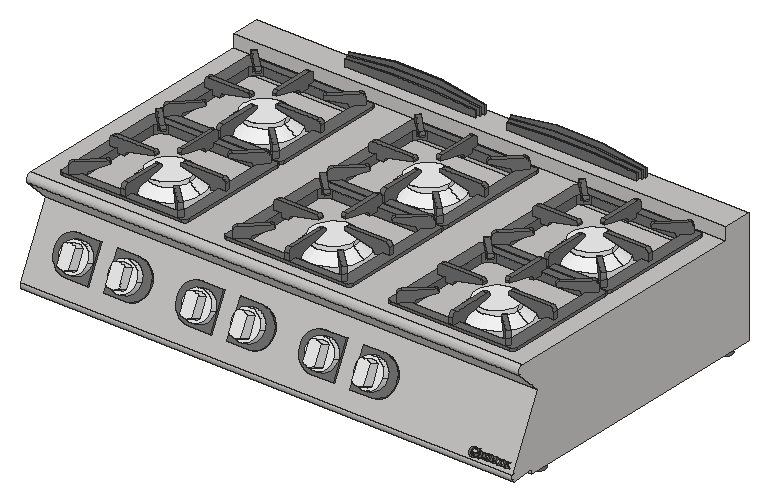
Revit family "QF_GIORIK_ECG760T", category Specialty Equipment, Revit 2014
Parameters (values of type "ECG760T")
  Weight in Pounds = 198.4158
  URL Cutsheet = "www.giorik.com"
  URL = "www.giorik.com"
  Status [instance] = ""
  Specification by User [instance] = ""
  Specification by Manufacturer = ""
  Show Logo [instance] = yes
  Show Clearance [instance] = yes
  Serial Number = ""
  Seismic Rating = ""
  SMACNA No = ""
  Revision Code [instance] = ""
  NAFEM Spec ID Number = ""
  Model = "ECG760T"
  Mechanical Remarks [instance] = "Natural Gas"
  Mechanical Connection Type [instance] = ""
  Masterspec = ""
  Manufacturer = "GIORIK"
  Item Number [instance] = ""
  Installed By [instance] = ""
  Identify Quantity as Lot [instance] = no
  Gas Size = 1"
  Gas RI Height [instance] = 0 mm
  Gas KW = 28.5
  Gas Input = 28500 W
  Gas Connection Height [instance] = 20 mm
  Furnished By [instance] = ""
  Foodservice Equipment Identifier [instance] = yes
  Description = "GAS RANGES 6 FIRES - TOP"
  CSI MasterFormat = ""
  Assembly Code = "E1090320"
Reference planes
  plane 1 "Back": y = 0
  plane 2: z = 0
  plane 3 "Left": x = 0
  plane 4 "Right": x = 1200
  plane 5 "Front": y = -720
  plane 6 "Top": z = 300
Forms (mm)
  Extrusion 1, solid
    sketch origin (0, 1000, -620) x (0, 1, 0) y (0, 0, 1)
      loop
        line (-1000, 919.988) -> (-1070, 919.988) -> (-1070, 889.988) -> (-1688.806, 889.988)
        arc (-1688.806, 889.988) -> (-1699.151, 883.075) -> (-1696.724, 870.873) r 11.197
        line (-1696.724, 870.873) -> (-1640.876, 815.025) -> (-1718.948, 661.258)
        arc (-1718.948, 661.258) -> (-1718.233, 650.105) -> (-1708.118, 645.354) r 10.981
        line (-1708.118, 645.354) -> (-1660, 649.925) -> (-1660, 640) -> (-1000, 640) -> (-1000, 919.988)
    from 0 to 1200
  Extrusion 2, solid
    sketch origin (0, 10, -577.012) x (1, 0, 0) y (0, 1, 0)
      loop
        line (45, -100) -> (45, -370)
        arc (45, -370) -> (47.929, -377.071) -> (55, -380) r 10
        line (55, -380) -> (345, -380)
        arc (345, -380) -> (352.071, -377.071) -> (355, -370) r 10
        line (355, -370) -> (355, -100)
        arc (355, -100) -> (352.071, -92.929) -> (345, -90) r 10
        line (345, -90) -> (55, -90)
        arc (55, -90) -> (47.929, -92.929) -> (45, -100) r 10
      loop
        arc (95, -110) -> (80.858, -115.858) -> (75, -130) r 20
        line (75, -130) -> (75, -340)
        arc (75, -340) -> (80.858, -354.142) -> (95, -360) r 20
        line (95, -360) -> (305, -360)
        arc (305, -360) -> (319.142, -354.142) -> (325, -340) r 20
        line (325, -340) -> (325, -130)
        arc (325, -130) -> (319.142, -115.858) -> (305, -110) r 20
        line (305, -110) -> (95, -110)
    from 831.989 to 851.989
  Extrusion 3, solid
    sketch origin (0, -750, -577.012) x (1, 0, 0) y (0, 1, 0)
      loop
        arc (45, 100) -> (47.929, 92.929) -> (55, 90) r 10
        line (55, 90) -> (345, 90)
        arc (345, 90) -> (352.071, 92.929) -> (355, 100) r 10
        line (355, 100) -> (355, 370)
        arc (355, 370) -> (352.071, 377.071) -> (345, 380) r 10
        line (345, 380) -> (55, 380)
        arc (55, 380) -> (47.929, 377.071) -> (45, 370) r 10
        line (45, 370) -> (45, 100)
      loop
        line (95, 110) -> (305, 110)
        arc (305, 110) -> (319.142, 115.858) -> (325, 130) r 20
        line (325, 130) -> (325, 340)
        arc (325, 340) -> (319.142, 354.142) -> (305, 360) r 20
        line (305, 360) -> (95, 360)
        arc (95, 360) -> (80.858, 354.142) -> (75, 340) r 20
        line (75, 340) -> (75, 130)
        arc (75, 130) -> (80.858, 115.858) -> (95, 110) r 20
    from 831.989 to 851.989
  Extrusion 4, solid
    sketch origin (800, 10, -577.012) x (-1, 0, 0) y (0, -1, 0)
      loop
        arc (45, 100) -> (47.929, 92.929) -> (55, 90) r 10
        line (55, 90) -> (345, 90)
        arc (345, 90) -> (352.071, 92.929) -> (355, 100) r 10
        line (355, 100) -> (355, 370)
        arc (355, 370) -> (352.071, 377.071) -> (345, 380) r 10
        line (345, 380) -> (55, 380)
        arc (55, 380) -> (47.929, 377.071) -> (45, 370) r 10
        line (45, 370) -> (45, 100)
      loop
        line (95, 110) -> (305, 110)
        arc (305, 110) -> (319.142, 115.858) -> (325, 130) r 20
        line (325, 130) -> (325, 340)
        arc (325, 340) -> (319.142, 354.142) -> (305, 360) r 20
        line (305, 360) -> (95, 360)
        arc (95, 360) -> (80.858, 354.142) -> (75, 340) r 20
        line (75, 340) -> (75, 130)
        arc (75, 130) -> (80.858, 115.858) -> (95, 110) r 20
    from 831.989 to 851.989
  Extrusion 5, solid
    sketch origin (800, -750, -577.012) x (-1, 0, 0) y (0, -1, 0)
      loop
        line (45, -100) -> (45, -370)
        arc (45, -370) -> (47.929, -377.071) -> (55, -380) r 10
        line (55, -380) -> (345, -380)
        arc (345, -380) -> (352.071, -377.071) -> (355, -370) r 10
        line (355, -370) -> (355, -100)
        arc (355, -100) -> (352.071, -92.929) -> (345, -90) r 10
        line (345, -90) -> (55, -90)
        arc (55, -90) -> (47.929, -92.929) -> (45, -100) r 10
      loop
        arc (95, -110) -> (80.858, -115.858) -> (75, -130) r 20
        line (75, -130) -> (75, -340)
        arc (75, -340) -> (80.858, -354.142) -> (95, -360) r 20
        line (95, -360) -> (305, -360)
        arc (305, -360) -> (319.142, -354.142) -> (325, -340) r 20
        line (325, -340) -> (325, -130)
        arc (325, -130) -> (319.142, -115.858) -> (305, -110) r 20
        line (305, -110) -> (95, -110)
    from 831.989 to 851.989
  Extrusion 6, solid
    sketch origin (-4, 0, 0) x (1, 0, 0) y (0, 1, 0)
      loop
        circle (54, -385) r 12.5
    from 5 to 20
  Extrusion 7, solid
    sketch origin (109, 0, -610.002) x (1, 0, 0) y (0, 0, 1)
      loop
        line (135, 909.989) -> (453, 909.989) -> (453, 925.527) -> (347.056, 931.749) -> (240.944, 931.749) -> (135, 925.527) -> (135, 909.989)
    from 32 to 35
  Extrusion 8, solid
    sketch origin (111, 10, -610.002) x (1, 0, 0) y (0, 0, 1)
      loop
        line (454, 909.989) -> (454, 928.527) -> (346.162, 939.193) -> (237.838, 939.193) -> (130, 928.527) -> (130, 909.989) -> (454, 909.989)
    from 32 to 35
  Extrusion 9, solid
    sketch origin (113, 20, -610.002) x (1, 0, 0) y (0, 0, 1)
      loop
        line (455, 909.989) -> (455, 930.527) -> (345.396, 947.413) -> (234.604, 947.413) -> (125, 930.527) -> (125, 909.989) -> (455, 909.989)
    from 32 to 35
  Extrusion 10, solid
    sketch origin (1091, 0, -610.002) x (-1, 0, 0) y (0, 0, -1)
      loop
        line (135, -909.989) -> (135, -925.527) -> (240.944, -931.749) -> (347.056, -931.749) -> (453, -925.527) -> (453, -909.989) -> (135, -909.989)
    from 32 to 35
  Extrusion 11, solid
    sketch origin (1089, 10, -610.002) x (-1, 0, 0) y (0, 0, -1)
      loop
        line (454, -909.989) -> (130, -909.989) -> (130, -928.527) -> (237.838, -939.193) -> (346.162, -939.193) -> (454, -928.527) -> (454, -909.989)
    from 32 to 35
  Extrusion 12, solid
    sketch origin (1087, 20, -610.002) x (-1, 0, 0) y (0, 0, -1)
      loop
        line (455, -909.989) -> (125, -909.989) -> (125, -930.527) -> (234.604, -947.413) -> (345.396, -947.413) -> (455, -930.527) -> (455, -909.989)
    from 32 to 35
  Extrusion 13, solid
    sketch origin (286.779, -963.345, -547.148) x (1, 0, 0) y (0, 0.452718, 0.891654)
      loop
        line (463.221, 676.25) -> (463.221, 766.25) -> (409.698, 766.25)
        arc (409.698, 766.25) -> (364.698, 721.25) -> (409.698, 676.25) r 45
        line (409.698, 676.25) -> (463.221, 676.25)
    from 48 to 50
  Extrusion 14, solid
    sketch origin (1253.221, -963.345, -547.148) x (-1, 0, 0) y (0, -0.452718, -0.891654)
      loop
        line (463.221, -676.25) -> (409.698, -676.25)
        arc (409.698, -676.25) -> (364.698, -721.25) -> (409.698, -766.25) r 45
        line (409.698, -766.25) -> (463.221, -766.25) -> (463.221, -676.25)
    from 48 to 50
  Extrusion 15, solid
    sketch origin (478.669, -1008.697, -524.552) x (1, 0, 0) y (0, 0.45351, 0.891251)
      loop
        circle (351.331, 721.346) r 35
    from 0 to 15
  Extrusion 16, solid
    sketch origin (478.669, -1008.697, -524.552) x (1, 0, 0) y (0, 0.45351, 0.891251)
      loop
        line (336.331, 743.846) -> (336.331, 698.846)
        arc (336.331, 698.846) -> (351.331, 693.846) -> (366.331, 698.846) r 25
        line (366.331, 698.846) -> (366.331, 743.846)
        arc (366.331, 743.846) -> (351.331, 748.846) -> (336.331, 743.846) r 25
    from 15 to 40
  Extrusion 17, solid, visible <- "Show Logo"
    sketch origin (996.604, -736.761, 9.486) x (-1, 0, 0) y (0, 0.452718, 0.891654)
      loop
        line (-118.824, 58.358) -> (-127.804, 58.358) -> (-125.523, 56.445) -> (-125.523, 48.027) -> (-127.804, 46.113) -> (-118.824, 46.113) -> (-121.105, 48.027) -> (-121.105, 56.445) -> (-118.824, 58.358)
      loop
        line (-163.721, 58.358) -> (-172.7, 58.358) -> (-170.42, 56.445) -> (-170.42, 48.027) -> (-172.7, 46.113) -> (-163.721, 46.113) -> (-166.001, 48.027) -> (-166.001, 56.445) -> (-163.721, 58.358)
      loop
        line (-174.332, 58.358) -> (-183.312, 58.358) -> (-181.031, 56.445) -> (-181.031, 52.435) -> (-186.419, 56.955) -> (-184.416, 58.358) -> (-191.268, 58.358) -> (-188.01, 56.839) -> (-185.455, 54.283) -> (-190.846, 47.858) -> (-193.396, 46.93) -> (-193.396, 46.113) -> (-184.416, 46.113) -> (-185.437, 47.571) -> (-182.443, 51.552) -> (-181.031, 50.894) -> (-181.031, 48.027) -> (-183.312, 46.113) -> (-174.332, 46.113) -> (-176.613, 48.027) -> (-176.613, 56.445) -> (-174.332, 58.358)
      loop
        line (-115.429, 62.063) -> (-115.429, 54.198)
        arc (-115.429, 54.198) -> (-111.618, 57.803) -> (-106.847, 59.986) r 16.039
        arc (-106.847, 59.986) -> (-103.314, 59.837) -> (-100.512, 57.68) r 5.851
        arc (-100.512, 57.68) -> (-98.815, 52.267) -> (-100.512, 46.853) r 9.479
        arc (-100.512, 46.853) -> (-102.406, 44.986) -> (-104.846, 43.93) r 7.236
        arc (-104.846, 43.93) -> (-107.728, 44.111) -> (-110.052, 45.825) r 5.11
        line (-110.052, 45.825) -> (-110.052, 52.001) -> (-116.141, 52.001) -> (-116.141, 45.503) -> (-117.893, 43.751) -> (-114.094, 44.769)
        arc (-114.094, 44.769) -> (-112.56, 44.947) -> (-111.129, 44.366) r 3.115
        arc (-111.129, 44.366) -> (-104.216, 42.091) -> (-97.303, 44.366) r 11.641
        arc (-97.303, 44.366) -> (-93.396, 52.107) -> (-97.303, 59.849) r 9.622
        arc (-97.303, 59.849) -> (-104.369, 62.174) -> (-111.435, 59.849) r 11.898
        line (-111.435, 59.849) -> (-115.429, 62.063)
      loop
        arc (-129.234, 56.068) -> (-135.893, 58.628) -> (-142.552, 56.068) r 9.941
        arc (-142.552, 56.068) -> (-144.234, 52.286) -> (-142.552, 48.505) r 5.093
        arc (-142.552, 48.505) -> (-135.893, 45.945) -> (-129.234, 48.505) r 9.941
        arc (-129.234, 48.505) -> (-127.552, 52.286) -> (-129.234, 56.068) r 5.093
      loop
        arc (-132.628, 54.403) -> (-135.893, 57.668) -> (-139.158, 54.403) r 3.265
        line (-139.158, 54.403) -> (-139.158, 50.169)
        arc (-139.158, 50.169) -> (-135.893, 46.904) -> (-132.628, 50.169) r 3.265
        line (-132.628, 50.169) -> (-132.628, 54.403)
      loop
        arc (-156.363, 58.365) -> (-159.647, 55.081) -> (-156.363, 51.796) r 3.285
        line (-156.363, 51.796) -> (-159.529, 47.306) -> (-162.087, 46.113) -> (-155.847, 46.113) -> (-153.529, 51.083) -> (-150.637, 51.083) -> (-150.637, 47.784) -> (-153.022, 46.113) -> (-144.011, 46.113) -> (-146.094, 47.68) -> (-146.094, 56.493) -> (-144.229, 58.365) -> (-156.363, 58.365)
      loop
        line (-150.637, 57.512) -> (-153.637, 57.512)
        arc (-153.637, 57.512) -> (-156.237, 54.912) -> (-153.637, 52.312) r 2.6
        line (-153.637, 52.312) -> (-150.637, 52.312) -> (-150.637, 57.512)
      loop
        line (-108.924, 52.001) -> (-104.936, 49.005) -> (-100.948, 52.001) -> (-108.924, 52.001)
    from 1.5 to -0.5
  Extrusion 18, solid
    sketch origin (1061.331, -1008.697, -524.552) x (-1, 0, 0) y (0, -0.45351, -0.891251)
      loop
        circle (351.331, -721.346) r 35
    from 0 to 15
  Extrusion 19, solid
    sketch origin (1061.331, -1008.697, -524.552) x (-1, 0, 0) y (0, -0.45351, -0.891251)
      loop
        arc (336.331, -743.846) -> (351.331, -748.846) -> (366.331, -743.846) r 25
        line (366.331, -743.846) -> (366.331, -698.846)
        arc (366.331, -698.846) -> (351.331, -693.846) -> (336.331, -698.846) r 25
        line (336.331, -698.846) -> (336.331, -743.846)
    from 15 to 40
  Extrusion 20, solid
    sketch origin (-313.221, -963.345, -547.148) x (1, 0, 0) y (0, 0.452718, 0.891654)
      loop
        line (463.221, 676.25) -> (463.221, 766.25) -> (409.698, 766.25)
        arc (409.698, 766.25) -> (364.698, 721.25) -> (409.698, 676.25) r 45
        line (409.698, 676.25) -> (463.221, 676.25)
    from 48 to 50
  Extrusion 21, solid
    sketch origin (653.221, -963.345, -547.148) x (-1, 0, 0) y (0, -0.452718, -0.891654)
      loop
        line (463.221, -676.25) -> (409.698, -676.25)
        arc (409.698, -676.25) -> (364.698, -721.25) -> (409.698, -766.25) r 45
        line (409.698, -766.25) -> (463.221, -766.25) -> (463.221, -676.25)
    from 48 to 50
  Extrusion 22, solid
    sketch origin (-121.331, -1008.697, -524.552) x (1, 0, 0) y (0, 0.45351, 0.891251)
      loop
        circle (351.331, 721.346) r 35
    from 0 to 15
  Extrusion 23, solid
    sketch origin (-121.331, -1008.697, -524.552) x (1, 0, 0) y (0, 0.45351, 0.891251)
      loop
        line (336.331, 743.846) -> (336.331, 698.846)
        arc (336.331, 698.846) -> (351.331, 693.846) -> (366.331, 698.846) r 25
        line (366.331, 698.846) -> (366.331, 743.846)
        arc (366.331, 743.846) -> (351.331, 748.846) -> (336.331, 743.846) r 25
    from 15 to 40
  Extrusion 24, solid
    sketch origin (461.331, -1008.697, -524.552) x (-1, 0, 0) y (0, -0.45351, -0.891251)
      loop
        circle (351.331, -721.346) r 35
    from 0 to 15
  Extrusion 25, solid
    sketch origin (461.331, -1008.697, -524.552) x (-1, 0, 0) y (0, -0.45351, -0.891251)
      loop
        arc (336.331, -743.846) -> (351.331, -748.846) -> (366.331, -743.846) r 25
        line (366.331, -743.846) -> (366.331, -698.846)
        arc (366.331, -698.846) -> (351.331, -693.846) -> (336.331, -698.846) r 25
        line (336.331, -698.846) -> (336.331, -743.846)
    from 15 to 40
  Extrusion 26, solid
    sketch origin (953.221, -963.345, -547.148) x (-1, 0, 0) y (0, -0.452718, -0.891654)
      loop
        line (463.221, -676.25) -> (409.698, -676.25)
        arc (409.698, -676.25) -> (364.698, -721.25) -> (409.698, -766.25) r 45
        line (409.698, -766.25) -> (463.221, -766.25) -> (463.221, -676.25)
    from 48 to 50
  Extrusion 27, solid
    sketch origin (-13.221, -963.345, -547.148) x (1, 0, 0) y (0, 0.452718, 0.891654)
      loop
        line (463.221, 676.25) -> (463.221, 766.25) -> (409.698, 766.25)
        arc (409.698, 766.25) -> (364.698, 721.25) -> (409.698, 676.25) r 45
        line (409.698, 676.25) -> (463.221, 676.25)
    from 48 to 50
  Extrusion 28, solid
    sketch origin (761.331, -1008.697, -524.552) x (-1, 0, 0) y (0, -0.45351, -0.891251)
      loop
        circle (351.331, -721.346) r 35
    from 0 to 15
  Extrusion 29, solid
    sketch origin (761.331, -1008.697, -524.552) x (-1, 0, 0) y (0, -0.45351, -0.891251)
      loop
        arc (336.331, -743.846) -> (351.331, -748.846) -> (366.331, -743.846) r 25
        line (366.331, -743.846) -> (366.331, -698.846)
        arc (366.331, -698.846) -> (351.331, -693.846) -> (336.331, -698.846) r 25
        line (336.331, -698.846) -> (336.331, -743.846)
    from 15 to 40
  Extrusion 30, solid
    sketch origin (178.669, -1008.697, -524.552) x (1, 0, 0) y (0, 0.45351, 0.891251)
      loop
        circle (351.331, 721.346) r 35
    from 0 to 15
  Extrusion 31, solid
    sketch origin (178.669, -1008.697, -524.552) x (1, 0, 0) y (0, 0.45351, 0.891251)
      loop
        line (336.331, 743.846) -> (336.331, 698.846)
        arc (336.331, 698.846) -> (351.331, 693.846) -> (366.331, 698.846) r 25
        line (366.331, 698.846) -> (366.331, 743.846)
        arc (366.331, 743.846) -> (351.331, 748.846) -> (336.331, 743.846) r 25
    from 15 to 40
  Extrusion 32, solid
    sketch origin (1200, 10, -577.012) x (-1, 0, 0) y (0, -1, 0)
      loop
        arc (45, 100) -> (47.929, 92.929) -> (55, 90) r 10
        line (55, 90) -> (345, 90)
        arc (345, 90) -> (352.071, 92.929) -> (355, 100) r 10
        line (355, 100) -> (355, 370)
        arc (355, 370) -> (352.071, 377.071) -> (345, 380) r 10
        line (345, 380) -> (55, 380)
        arc (55, 380) -> (47.929, 377.071) -> (45, 370) r 10
        line (45, 370) -> (45, 100)
      loop
        line (95, 110) -> (305, 110)
        arc (305, 110) -> (319.142, 115.858) -> (325, 130) r 20
        line (325, 130) -> (325, 340)
        arc (325, 340) -> (319.142, 354.142) -> (305, 360) r 20
        line (305, 360) -> (95, 360)
        arc (95, 360) -> (80.858, 354.142) -> (75, 340) r 20
        line (75, 340) -> (75, 130)
        arc (75, 130) -> (80.858, 115.858) -> (95, 110) r 20
    from 831.989 to 851.989
  Extrusion 33, solid
    sketch origin (1200, -750, -577.012) x (-1, 0, 0) y (0, -1, 0)
      loop
        line (45, -100) -> (45, -370)
        arc (45, -370) -> (47.929, -377.071) -> (55, -380) r 10
        line (55, -380) -> (345, -380)
        arc (345, -380) -> (352.071, -377.071) -> (355, -370) r 10
        line (355, -370) -> (355, -100)
        arc (355, -100) -> (352.071, -92.929) -> (345, -90) r 10
        line (345, -90) -> (55, -90)
        arc (55, -90) -> (47.929, -92.929) -> (45, -100) r 10
      loop
        arc (95, -110) -> (80.858, -115.858) -> (75, -130) r 20
        line (75, -130) -> (75, -340)
        arc (75, -340) -> (80.858, -354.142) -> (95, -360) r 20
        line (95, -360) -> (305, -360)
        arc (305, -360) -> (319.142, -354.142) -> (325, -340) r 20
        line (325, -340) -> (325, -130)
        arc (325, -130) -> (319.142, -115.858) -> (305, -110) r 20
        line (305, -110) -> (95, -110)
    from 831.989 to 851.989
  Blend 34, solid
    base sketch origin (799.954, -501.449, 310) x (0, -1, 0) y (1, 0, 0)
      loop
        circle (-276.449, 200.046) r 75
    top sketch origin (799.954, -501.449, 310) x (0, -1, 0) y (1, 0, 0)
      loop
        circle (-276.449, 200.046) r 50
    from -70 to -50
  Extrusion 35, solid
    sketch origin (799.954, 51.448, -619.988) x (1, 0, 0) y (0, 1, 0)
      loop
        circle (200.046, -276.449) r 50
    from 889.988 to 879.988
  Blend 36, solid
    base sketch origin (799.954, -238.551, 310) x (0, 1, 0) y (-1, 0, 0)
      loop
        circle (-276.449, -200.046) r 75
    top sketch origin (799.954, -238.551, 310) x (0, 1, 0) y (-1, 0, 0)
      loop
        circle (-276.449, -200.046) r 50
    from -70 to -50
  Extrusion 37, solid
    sketch origin (799.954, -791.448, -619.988) x (1, 0, 0) y (0, 1, 0)
      loop
        circle (200.046, 276.449) r 50
    from 889.988 to 879.988
  Blend 38, solid
    base sketch origin (399.954, -501.449, 310) x (0, -1, 0) y (1, 0, 0)
      loop
        circle (-276.449, 200.046) r 75
    top sketch origin (399.954, -501.449, 310) x (0, -1, 0) y (1, 0, 0)
      loop
        circle (-276.449, 200.046) r 50
    from -70 to -50
  Extrusion 39, solid
    sketch origin (399.954, 51.448, -619.988) x (1, 0, 0) y (0, 1, 0)
      loop
        circle (200.046, -276.449) r 50
    from 889.988 to 879.988
  Blend 40, solid
    base sketch origin (399.954, -238.551, 310) x (0, 1, 0) y (-1, 0, 0)
      loop
        circle (-276.449, -200.046) r 75
    top sketch origin (399.954, -238.551, 310) x (0, 1, 0) y (-1, 0, 0)
      loop
        circle (-276.449, -200.046) r 50
    from -70 to -50
  Extrusion 41, solid
    sketch origin (399.954, -791.448, -619.988) x (1, 0, 0) y (0, 1, 0)
      loop
        circle (200.046, 276.449) r 50
    from 889.988 to 879.988
  Blend 42, solid
    base sketch origin (-0.046, -501.449, 310) x (0, -1, 0) y (1, 0, 0)
      loop
        circle (-276.449, 200.046) r 75
    top sketch origin (-0.046, -501.449, 310) x (0, -1, 0) y (1, 0, 0)
      loop
        circle (-276.449, 200.046) r 50
    from -70 to -50
  Extrusion 43, solid
    sketch origin (-0.046, 51.448, -619.988) x (1, 0, 0) y (0, 1, 0)
      loop
        circle (200.046, -276.449) r 50
    from 889.988 to 879.988
  Blend 44, solid
    base sketch origin (-0.046, -238.551, 310) x (0, 1, 0) y (-1, 0, 0)
      loop
        circle (-276.449, -200.046) r 75
    top sketch origin (-0.046, -238.551, 310) x (0, 1, 0) y (-1, 0, 0)
      loop
        circle (-276.449, -200.046) r 50
    from -70 to -50
  Extrusion 45, solid
    sketch origin (-0.046, -791.448, -619.988) x (1, 0, 0) y (0, 1, 0)
      loop
        circle (200.046, 276.449) r 50
    from 889.988 to 879.988
  Extrusion 46, void
    sketch origin (800, 0, 300) x (0, 1, 0) y (-1, 0, 0)
      loop
        line (-90, 65) -> (-90, 335)
        arc (-90, 335) -> (-92.929, 342.071) -> (-100, 345) r 10
        line (-100, 345) -> (-640.565, 345)
        arc (-640.565, 345) -> (-647.636, 342.071) -> (-650.565, 335) r 10
        line (-650.565, 335) -> (-650.565, 65)
        arc (-650.565, 65) -> (-647.636, 57.929) -> (-640.565, 55) r 10
        line (-640.565, 55) -> (-100, 55)
        arc (-100, 55) -> (-92.929, 57.929) -> (-90, 65) r 10
    from -30.012 to -60
  Extrusion 47, void
    sketch origin (1200, 0, 300) x (0, 1, 0) y (-1, 0, 0)
      loop
        line (-90, 65) -> (-90, 335)
        arc (-90, 335) -> (-92.929, 342.071) -> (-100, 345) r 10
        line (-100, 345) -> (-640.565, 345)
        arc (-640.565, 345) -> (-647.636, 342.071) -> (-650.565, 335) r 10
        line (-650.565, 335) -> (-650.565, 65)
        arc (-650.565, 65) -> (-647.636, 57.929) -> (-640.565, 55) r 10
        line (-640.565, 55) -> (-100, 55)
        arc (-100, 55) -> (-92.929, 57.929) -> (-90, 65) r 10
    from -30.012 to -60
  Extrusion 48, void
    sketch origin (0, 0, 300) x (0, 1, 0) y (-1, 0, 0)
      loop
        arc (-90, -65) -> (-92.929, -57.929) -> (-100, -55) r 10
        line (-100, -55) -> (-640.565, -55)
        arc (-640.565, -55) -> (-647.636, -57.929) -> (-650.565, -65) r 10
        line (-650.565, -65) -> (-650.565, -335)
        arc (-650.565, -335) -> (-647.636, -342.071) -> (-640.565, -345) r 10
        line (-640.565, -345) -> (-100, -345)
        arc (-100, -345) -> (-92.929, -342.071) -> (-90, -335) r 10
        line (-90, -335) -> (-90, -65)
    from -30.012 to -60
  Extrusion 49, solid
    sketch origin (640.72, -671.989, -671.002) x (0, 1, 0) y (0, 0, -1)
      loop
        line (15.989, -935.989) -> (15.989, -961)
        arc (15.989, -961) -> (18.918, -968.071) -> (25.989, -971) r 10
        line (25.989, -971) -> (119.989, -971)
        arc (119.989, -971) -> (124.232, -969.243) -> (125.989, -965) r 6
        line (125.989, -965) -> (125.989, -962) -> (55.875, -945.989) -> (52.235, -935.989) -> (15.989, -935.989)
    from 35.72 to 45.72
  Extrusion 50, solid
    sketch origin (430.305, -634.988, -602.81) x (0.707107, 0.707107, 0) y (0, 0, 1)
      loop
        line (85.748, 902.808) -> (21.748, 902.808)
        arc (21.748, 902.808) -> (14.677, 899.879) -> (11.748, 892.808) r 10
        line (11.748, 892.808) -> (11.748, 867.797) -> (40.514, 867.797) -> (46.895, 881.064) -> (91.748, 893.808) -> (91.748, 896.808)
        arc (91.748, 896.808) -> (89.991, 901.051) -> (85.748, 902.808) r 6
    from 30.148 to 40.148
  Extrusion 51, solid
    sketch origin (640.72, -358.011, -671.002) x (0, -1, 0) y (0, 0, 1)
      loop
        line (15.989, 935.989) -> (52.235, 935.989) -> (55.875, 945.989) -> (125.989, 962) -> (125.989, 965)
        arc (125.989, 965) -> (124.232, 969.243) -> (119.989, 971) r 6
        line (119.989, 971) -> (25.989, 971)
        arc (25.989, 971) -> (18.918, 968.071) -> (15.989, 961) r 10
        line (15.989, 961) -> (15.989, 935.989)
    from 35.72 to 45.72
  Extrusion 52, solid
    sketch origin (756.989, -555.72, -671.002) x (-1, 0, 0) y (0, 0, 1)
      loop
        line (15.989, 935.989) -> (52.235, 935.989) -> (55.875, 945.989) -> (125.989, 962) -> (125.989, 965)
        arc (125.989, 965) -> (124.232, 969.243) -> (119.989, 971) r 6
        line (119.989, 971) -> (25.989, 971)
        arc (25.989, 971) -> (18.918, 968.071) -> (15.989, 961) r 10
        line (15.989, 961) -> (15.989, 935.989)
    from 35.72 to 45.72
  Extrusion 53, solid
    sketch origin (443.011, -555.72, -671.002) x (1, 0, 0) y (0, 0, -1)
      loop
        line (15.989, -935.989) -> (15.989, -961)
        arc (15.989, -961) -> (18.918, -968.071) -> (25.989, -971) r 10
        line (25.989, -971) -> (119.989, -971)
        arc (119.989, -971) -> (124.232, -969.243) -> (125.989, -965) r 6
        line (125.989, -965) -> (125.989, -962) -> (55.875, -945.989) -> (52.235, -935.989) -> (15.989, -935.989)
    from 35.72 to 45.72
  Extrusion 54, solid
    sketch origin (769.695, -634.988, -602.81) x (-0.707107, 0.707107, 0) y (0, 0, -1)
      loop
        arc (85.748, -902.808) -> (89.991, -901.051) -> (91.748, -896.808) r 6
        line (91.748, -896.808) -> (91.748, -893.808) -> (46.895, -881.064) -> (40.514, -867.797) -> (11.748, -867.797) -> (11.748, -892.808)
        arc (11.748, -892.808) -> (14.677, -899.879) -> (21.748, -902.808) r 10
        line (21.748, -902.808) -> (85.748, -902.808)
    from 30.148 to 40.148
  Extrusion 55, solid
    sketch origin (769.695, -395.012, -602.81) x (-0.707107, -0.707107, 0) y (0, 0, 1)
      loop
        line (85.748, 902.808) -> (21.748, 902.808)
        arc (21.748, 902.808) -> (14.677, 899.879) -> (11.748, 892.808) r 10
        line (11.748, 892.808) -> (11.748, 867.797) -> (40.514, 867.797) -> (46.895, 881.064) -> (91.748, 893.808) -> (91.748, 896.808)
        arc (91.748, 896.808) -> (89.991, 901.051) -> (85.748, 902.808) r 6
    from 30.148 to 40.148
  Extrusion 56, solid
    sketch origin (430.305, -395.012, -602.81) x (0.707107, -0.707107, 0) y (0, 0, -1)
      loop
        arc (85.748, -902.808) -> (89.991, -901.051) -> (91.748, -896.808) r 6
        line (91.748, -896.808) -> (91.748, -893.808) -> (46.895, -881.064) -> (40.514, -867.797) -> (11.748, -867.797) -> (11.748, -892.808)
        arc (11.748, -892.808) -> (14.677, -899.879) -> (21.748, -902.808) r 10
        line (21.748, -902.808) -> (85.748, -902.808)
    from 30.148 to 40.148
  Extrusion 57, solid
    sketch origin (640.72, -68.011, -671.002) x (0, -1, 0) y (0, 0, 1)
      loop
        line (15.989, 935.989) -> (52.235, 935.989) -> (55.875, 945.989) -> (125.989, 962) -> (125.989, 965)
        arc (125.989, 965) -> (124.232, 969.243) -> (119.989, 971) r 6
        line (119.989, 971) -> (25.989, 971)
        arc (25.989, 971) -> (18.918, 968.071) -> (15.989, 961) r 10
        line (15.989, 961) -> (15.989, 935.989)
    from 35.72 to 45.72
  Extrusion 58, solid
    sketch origin (430.305, -105.012, -602.81) x (0.707107, -0.707107, 0) y (0, 0, -1)
      loop
        arc (85.748, -902.808) -> (89.991, -901.051) -> (91.748, -896.808) r 6
        line (91.748, -896.808) -> (91.748, -893.808) -> (46.895, -881.064) -> (40.514, -867.797) -> (11.748, -867.797) -> (11.748, -892.808)
        arc (11.748, -892.808) -> (14.677, -899.879) -> (21.748, -902.808) r 10
        line (21.748, -902.808) -> (85.748, -902.808)
    from 30.148 to 40.148
  Extrusion 59, solid
    sketch origin (640.72, -381.989, -671.002) x (0, 1, 0) y (0, 0, -1)
      loop
        line (15.989, -935.989) -> (15.989, -961)
        arc (15.989, -961) -> (18.918, -968.071) -> (25.989, -971) r 10
        line (25.989, -971) -> (119.989, -971)
        arc (119.989, -971) -> (124.232, -969.243) -> (125.989, -965) r 6
        line (125.989, -965) -> (125.989, -962) -> (55.875, -945.989) -> (52.235, -935.989) -> (15.989, -935.989)
    from 35.72 to 45.72
  Extrusion 60, solid
    sketch origin (756.989, -184.279, -671.002) x (-1, 0, 0) y (0, 0, -1)
      loop
        line (15.989, -935.989) -> (15.989, -961)
        arc (15.989, -961) -> (18.918, -968.071) -> (25.989, -971) r 10
        line (25.989, -971) -> (119.989, -971)
        arc (119.989, -971) -> (124.232, -969.243) -> (125.989, -965) r 6
        line (125.989, -965) -> (125.989, -962) -> (55.875, -945.989) -> (52.235, -935.989) -> (15.989, -935.989)
    from 35.72 to 45.72
  Extrusion 61, solid
    sketch origin (443.011, -184.279, -671.002) x (1, 0, 0) y (0, 0, 1)
      loop
        line (15.989, 935.989) -> (52.235, 935.989) -> (55.875, 945.989) -> (125.989, 962) -> (125.989, 965)
        arc (125.989, 965) -> (124.232, 969.243) -> (119.989, 971) r 6
        line (119.989, 971) -> (25.989, 971)
        arc (25.989, 971) -> (18.918, 968.071) -> (15.989, 961) r 10
        line (15.989, 961) -> (15.989, 935.989)
    from 35.72 to 45.72
  Extrusion 62, solid
    sketch origin (769.695, -105.012, -602.81) x (-0.707107, -0.707107, 0) y (0, 0, 1)
      loop
        line (85.748, 902.808) -> (21.748, 902.808)
        arc (21.748, 902.808) -> (14.677, 899.879) -> (11.748, 892.808) r 10
        line (11.748, 892.808) -> (11.748, 867.797) -> (40.514, 867.797) -> (46.895, 881.064) -> (91.748, 893.808) -> (91.748, 896.808)
        arc (91.748, 896.808) -> (89.991, 901.051) -> (85.748, 902.808) r 6
    from 30.148 to 40.148
  Extrusion 63, solid
    sketch origin (769.695, -344.988, -602.81) x (-0.707107, 0.707107, 0) y (0, 0, -1)
      loop
        arc (85.748, -902.808) -> (89.991, -901.051) -> (91.748, -896.808) r 6
        line (91.748, -896.808) -> (91.748, -893.808) -> (46.895, -881.064) -> (40.514, -867.797) -> (11.748, -867.797) -> (11.748, -892.808)
        arc (11.748, -892.808) -> (14.677, -899.879) -> (21.748, -902.808) r 10
        line (21.748, -902.808) -> (85.748, -902.808)
    from 30.148 to 40.148
  Extrusion 64, solid
    sketch origin (430.305, -344.988, -602.81) x (0.707107, 0.707107, 0) y (0, 0, 1)
      loop
        line (85.748, 902.808) -> (21.748, 902.808)
        arc (21.748, 902.808) -> (14.677, 899.879) -> (11.748, 892.808) r 10
        line (11.748, 892.808) -> (11.748, 867.797) -> (40.514, 867.797) -> (46.895, 881.064) -> (91.748, 893.808) -> (91.748, 896.808)
        arc (91.748, 896.808) -> (89.991, 901.051) -> (85.748, 902.808) r 6
    from 30.148 to 40.148
  Extrusion 65, solid
    sketch origin (1040.721, -671.989, -671.002) x (0, 1, 0) y (0, 0, -1)
      loop
        line (15.989, -935.989) -> (15.989, -961)
        arc (15.989, -961) -> (18.918, -968.071) -> (25.989, -971) r 10
        line (25.989, -971) -> (119.989, -971)
        arc (119.989, -971) -> (124.232, -969.243) -> (125.989, -965) r 6
        line (125.989, -965) -> (125.989, -962) -> (55.875, -945.989) -> (52.235, -935.989) -> (15.989, -935.989)
    from 35.72 to 45.72
  Extrusion 66, solid
    sketch origin (830.305, -634.988, -602.81) x (0.707107, 0.707107, 0) y (0, 0, 1)
      loop
        line (85.748, 902.808) -> (21.748, 902.808)
        arc (21.748, 902.808) -> (14.677, 899.879) -> (11.748, 892.808) r 10
        line (11.748, 892.808) -> (11.748, 867.797) -> (40.514, 867.797) -> (46.895, 881.064) -> (91.748, 893.808) -> (91.748, 896.808)
        arc (91.748, 896.808) -> (89.991, 901.051) -> (85.748, 902.808) r 6
    from 30.148 to 40.148
  Extrusion 67, solid
    sketch origin (1040.721, -358.011, -671.002) x (0, -1, 0) y (0, 0, 1)
      loop
        line (15.989, 935.989) -> (52.235, 935.989) -> (55.875, 945.989) -> (125.989, 962) -> (125.989, 965)
        arc (125.989, 965) -> (124.232, 969.243) -> (119.989, 971) r 6
        line (119.989, 971) -> (25.989, 971)
        arc (25.989, 971) -> (18.918, 968.071) -> (15.989, 961) r 10
        line (15.989, 961) -> (15.989, 935.989)
    from 35.72 to 45.72
  Extrusion 68, solid
    sketch origin (1156.989, -555.72, -671.002) x (-1, 0, 0) y (0, 0, 1)
      loop
        line (15.989, 935.989) -> (52.235, 935.989) -> (55.875, 945.989) -> (125.989, 962) -> (125.989, 965)
        arc (125.989, 965) -> (124.232, 969.243) -> (119.989, 971) r 6
        line (119.989, 971) -> (25.989, 971)
        arc (25.989, 971) -> (18.918, 968.071) -> (15.989, 961) r 10
        line (15.989, 961) -> (15.989, 935.989)
    from 35.72 to 45.72
  Extrusion 69, solid
    sketch origin (843.011, -555.72, -671.002) x (1, 0, 0) y (0, 0, -1)
      loop
        line (15.989, -935.989) -> (15.989, -961)
        arc (15.989, -961) -> (18.918, -968.071) -> (25.989, -971) r 10
        line (25.989, -971) -> (119.989, -971)
        arc (119.989, -971) -> (124.232, -969.243) -> (125.989, -965) r 6
        line (125.989, -965) -> (125.989, -962) -> (55.875, -945.989) -> (52.235, -935.989) -> (15.989, -935.989)
    from 35.72 to 45.72
  Extrusion 70, solid
    sketch origin (1169.695, -634.988, -602.81) x (-0.707107, 0.707107, 0) y (0, 0, -1)
      loop
        arc (85.748, -902.808) -> (89.991, -901.051) -> (91.748, -896.808) r 6
        line (91.748, -896.808) -> (91.748, -893.808) -> (46.895, -881.064) -> (40.514, -867.797) -> (11.748, -867.797) -> (11.748, -892.808)
        arc (11.748, -892.808) -> (14.677, -899.879) -> (21.748, -902.808) r 10
        line (21.748, -902.808) -> (85.748, -902.808)
    from 30.148 to 40.148
  Extrusion 71, solid
    sketch origin (1169.695, -395.012, -602.81) x (-0.707107, -0.707107, 0) y (0, 0, 1)
      loop
        line (85.748, 902.808) -> (21.748, 902.808)
        arc (21.748, 902.808) -> (14.677, 899.879) -> (11.748, 892.808) r 10
        line (11.748, 892.808) -> (11.748, 867.797) -> (40.514, 867.797) -> (46.895, 881.064) -> (91.748, 893.808) -> (91.748, 896.808)
        arc (91.748, 896.808) -> (89.991, 901.051) -> (85.748, 902.808) r 6
    from 30.148 to 40.148
  Extrusion 72, solid
    sketch origin (830.305, -395.012, -602.81) x (0.707107, -0.707107, 0) y (0, 0, -1)
      loop
        arc (85.748, -902.808) -> (89.991, -901.051) -> (91.748, -896.808) r 6
        line (91.748, -896.808) -> (91.748, -893.808) -> (46.895, -881.064) -> (40.514, -867.797) -> (11.748, -867.797) -> (11.748, -892.808)
        arc (11.748, -892.808) -> (14.677, -899.879) -> (21.748, -902.808) r 10
        line (21.748, -902.808) -> (85.748, -902.808)
    from 30.148 to 40.148
  Extrusion 73, solid
    sketch origin (1040.721, -68.011, -671.002) x (0, -1, 0) y (0, 0, 1)
      loop
        line (15.989, 935.989) -> (52.235, 935.989) -> (55.875, 945.989) -> (125.989, 962) -> (125.989, 965)
        arc (125.989, 965) -> (124.232, 969.243) -> (119.989, 971) r 6
        line (119.989, 971) -> (25.989, 971)
        arc (25.989, 971) -> (18.918, 968.071) -> (15.989, 961) r 10
        line (15.989, 961) -> (15.989, 935.989)
    from 35.72 to 45.72
  Extrusion 74, solid
    sketch origin (830.305, -105.012, -602.81) x (0.707107, -0.707107, 0) y (0, 0, -1)
      loop
        arc (85.748, -902.808) -> (89.991, -901.051) -> (91.748, -896.808) r 6
        line (91.748, -896.808) -> (91.748, -893.808) -> (46.895, -881.064) -> (40.514, -867.797) -> (11.748, -867.797) -> (11.748, -892.808)
        arc (11.748, -892.808) -> (14.677, -899.879) -> (21.748, -902.808) r 10
        line (21.748, -902.808) -> (85.748, -902.808)
    from 30.148 to 40.148
  Extrusion 75, solid
    sketch origin (1040.721, -381.989, -671.002) x (0, 1, 0) y (0, 0, -1)
      loop
        line (15.989, -935.989) -> (15.989, -961)
        arc (15.989, -961) -> (18.918, -968.071) -> (25.989, -971) r 10
        line (25.989, -971) -> (119.989, -971)
        arc (119.989, -971) -> (124.232, -969.243) -> (125.989, -965) r 6
        line (125.989, -965) -> (125.989, -962) -> (55.875, -945.989) -> (52.235, -935.989) -> (15.989, -935.989)
    from 35.72 to 45.72
  Extrusion 76, solid
    sketch origin (1156.989, -184.279, -671.002) x (-1, 0, 0) y (0, 0, -1)
      loop
        line (15.989, -935.989) -> (15.989, -961)
        arc (15.989, -961) -> (18.918, -968.071) -> (25.989, -971) r 10
        line (25.989, -971) -> (119.989, -971)
        arc (119.989, -971) -> (124.232, -969.243) -> (125.989, -965) r 6
        line (125.989, -965) -> (125.989, -962) -> (55.875, -945.989) -> (52.235, -935.989) -> (15.989, -935.989)
    from 35.72 to 45.72
  Extrusion 77, solid
    sketch origin (843.011, -184.279, -671.002) x (1, 0, 0) y (0, 0, 1)
      loop
        line (15.989, 935.989) -> (52.235, 935.989) -> (55.875, 945.989) -> (125.989, 962) -> (125.989, 965)
        arc (125.989, 965) -> (124.232, 969.243) -> (119.989, 971) r 6
        line (119.989, 971) -> (25.989, 971)
        arc (25.989, 971) -> (18.918, 968.071) -> (15.989, 961) r 10
        line (15.989, 961) -> (15.989, 935.989)
    from 35.72 to 45.72
  Extrusion 78, solid
    sketch origin (1169.695, -105.012, -602.81) x (-0.707107, -0.707107, 0) y (0, 0, 1)
      loop
        line (85.748, 902.808) -> (21.748, 902.808)
        arc (21.748, 902.808) -> (14.677, 899.879) -> (11.748, 892.808) r 10
        line (11.748, 892.808) -> (11.748, 867.797) -> (40.514, 867.797) -> (46.895, 881.064) -> (91.748, 893.808) -> (91.748, 896.808)
        arc (91.748, 896.808) -> (89.991, 901.051) -> (85.748, 902.808) r 6
    from 30.148 to 40.148
  Extrusion 79, solid
    sketch origin (1169.695, -344.988, -602.81) x (-0.707107, 0.707107, 0) y (0, 0, -1)
      loop
        arc (85.748, -902.808) -> (89.991, -901.051) -> (91.748, -896.808) r 6
        line (91.748, -896.808) -> (91.748, -893.808) -> (46.895, -881.064) -> (40.514, -867.797) -> (11.748, -867.797) -> (11.748, -892.808)
        arc (11.748, -892.808) -> (14.677, -899.879) -> (21.748, -902.808) r 10
        line (21.748, -902.808) -> (85.748, -902.808)
    from 30.148 to 40.148
  Extrusion 80, solid
    sketch origin (830.305, -344.988, -602.81) x (0.707107, 0.707107, 0) y (0, 0, 1)
      loop
        line (85.748, 902.808) -> (21.748, 902.808)
        arc (21.748, 902.808) -> (14.677, 899.879) -> (11.748, 892.808) r 10
        line (11.748, 892.808) -> (11.748, 867.797) -> (40.514, 867.797) -> (46.895, 881.064) -> (91.748, 893.808) -> (91.748, 896.808)
        arc (91.748, 896.808) -> (89.991, 901.051) -> (85.748, 902.808) r 6
    from 30.148 to 40.148
  Extrusion 81, solid
    sketch origin (240.72, -671.989, -671.002) x (0, 1, 0) y (0, 0, -1)
      loop
        line (15.989, -935.989) -> (15.989, -961)
        arc (15.989, -961) -> (18.918, -968.071) -> (25.989, -971) r 10
        line (25.989, -971) -> (119.989, -971)
        arc (119.989, -971) -> (124.232, -969.243) -> (125.989, -965) r 6
        line (125.989, -965) -> (125.989, -962) -> (55.875, -945.989) -> (52.235, -935.989) -> (15.989, -935.989)
    from 35.72 to 45.72
  Extrusion 82, solid
    sketch origin (30.305, -634.988, -602.81) x (0.707107, 0.707107, 0) y (0, 0, 1)
      loop
        line (85.748, 902.808) -> (21.748, 902.808)
        arc (21.748, 902.808) -> (14.677, 899.879) -> (11.748, 892.808) r 10
        line (11.748, 892.808) -> (11.748, 867.797) -> (40.514, 867.797) -> (46.895, 881.064) -> (91.748, 893.808) -> (91.748, 896.808)
        arc (91.748, 896.808) -> (89.991, 901.051) -> (85.748, 902.808) r 6
    from 30.148 to 40.148
  Extrusion 83, solid
    sketch origin (240.72, -358.011, -671.002) x (0, -1, 0) y (0, 0, 1)
      loop
        line (15.989, 935.989) -> (52.235, 935.989) -> (55.875, 945.989) -> (125.989, 962) -> (125.989, 965)
        arc (125.989, 965) -> (124.232, 969.243) -> (119.989, 971) r 6
        line (119.989, 971) -> (25.989, 971)
        arc (25.989, 971) -> (18.918, 968.071) -> (15.989, 961) r 10
        line (15.989, 961) -> (15.989, 935.989)
    from 35.72 to 45.72
  Extrusion 84, solid
    sketch origin (356.989, -555.72, -671.002) x (-1, 0, 0) y (0, 0, 1)
      loop
        line (15.989, 935.989) -> (52.235, 935.989) -> (55.875, 945.989) -> (125.989, 962) -> (125.989, 965)
        arc (125.989, 965) -> (124.232, 969.243) -> (119.989, 971) r 6
        line (119.989, 971) -> (25.989, 971)
        arc (25.989, 971) -> (18.918, 968.071) -> (15.989, 961) r 10
        line (15.989, 961) -> (15.989, 935.989)
    from 35.72 to 45.72
  Extrusion 85, solid
    sketch origin (43.011, -555.72, -671.002) x (1, 0, 0) y (0, 0, -1)
      loop
        line (15.989, -935.989) -> (15.989, -961)
        arc (15.989, -961) -> (18.918, -968.071) -> (25.989, -971) r 10
        line (25.989, -971) -> (119.989, -971)
        arc (119.989, -971) -> (124.232, -969.243) -> (125.989, -965) r 6
        line (125.989, -965) -> (125.989, -962) -> (55.875, -945.989) -> (52.235, -935.989) -> (15.989, -935.989)
    from 35.72 to 45.72
  Extrusion 86, solid
    sketch origin (369.695, -634.988, -602.81) x (-0.707107, 0.707107, 0) y (0, 0, -1)
      loop
        arc (85.748, -902.808) -> (89.991, -901.051) -> (91.748, -896.808) r 6
        line (91.748, -896.808) -> (91.748, -893.808) -> (46.895, -881.064) -> (40.514, -867.797) -> (11.748, -867.797) -> (11.748, -892.808)
        arc (11.748, -892.808) -> (14.677, -899.879) -> (21.748, -902.808) r 10
        line (21.748, -902.808) -> (85.748, -902.808)
    from 30.148 to 40.148
  Extrusion 87, solid
    sketch origin (369.695, -395.012, -602.81) x (-0.707107, -0.707107, 0) y (0, 0, 1)
      loop
        line (85.748, 902.808) -> (21.748, 902.808)
        arc (21.748, 902.808) -> (14.677, 899.879) -> (11.748, 892.808) r 10
        line (11.748, 892.808) -> (11.748, 867.797) -> (40.514, 867.797) -> (46.895, 881.064) -> (91.748, 893.808) -> (91.748, 896.808)
        arc (91.748, 896.808) -> (89.991, 901.051) -> (85.748, 902.808) r 6
    from 30.148 to 40.148
  Extrusion 88, solid
    sketch origin (30.305, -395.012, -602.81) x (0.707107, -0.707107, 0) y (0, 0, -1)
      loop
        arc (85.748, -902.808) -> (89.991, -901.051) -> (91.748, -896.808) r 6
        line (91.748, -896.808) -> (91.748, -893.808) -> (46.895, -881.064) -> (40.514, -867.797) -> (11.748, -867.797) -> (11.748, -892.808)
        arc (11.748, -892.808) -> (14.677, -899.879) -> (21.748, -902.808) r 10
        line (21.748, -902.808) -> (85.748, -902.808)
    from 30.148 to 40.148
  Extrusion 89, solid
    sketch origin (240.72, -68.011, -671.002) x (0, -1, 0) y (0, 0, 1)
      loop
        line (15.989, 935.989) -> (52.235, 935.989) -> (55.875, 945.989) -> (125.989, 962) -> (125.989, 965)
        arc (125.989, 965) -> (124.232, 969.243) -> (119.989, 971) r 6
        line (119.989, 971) -> (25.989, 971)
        arc (25.989, 971) -> (18.918, 968.071) -> (15.989, 961) r 10
        line (15.989, 961) -> (15.989, 935.989)
    from 35.72 to 45.72
  Extrusion 90, solid
    sketch origin (30.305, -105.012, -602.81) x (0.707107, -0.707107, 0) y (0, 0, -1)
      loop
        arc (85.748, -902.808) -> (89.991, -901.051) -> (91.748, -896.808) r 6
        line (91.748, -896.808) -> (91.748, -893.808) -> (46.895, -881.064) -> (40.514, -867.797) -> (11.748, -867.797) -> (11.748, -892.808)
        arc (11.748, -892.808) -> (14.677, -899.879) -> (21.748, -902.808) r 10
        line (21.748, -902.808) -> (85.748, -902.808)
    from 30.148 to 40.148
  Extrusion 91, solid
    sketch origin (240.72, -381.989, -671.002) x (0, 1, 0) y (0, 0, -1)
      loop
        line (15.989, -935.989) -> (15.989, -961)
        arc (15.989, -961) -> (18.918, -968.071) -> (25.989, -971) r 10
        line (25.989, -971) -> (119.989, -971)
        arc (119.989, -971) -> (124.232, -969.243) -> (125.989, -965) r 6
        line (125.989, -965) -> (125.989, -962) -> (55.875, -945.989) -> (52.235, -935.989) -> (15.989, -935.989)
    from 35.72 to 45.72
  Extrusion 92, solid
    sketch origin (356.989, -184.279, -671.002) x (-1, 0, 0) y (0, 0, -1)
      loop
        line (15.989, -935.989) -> (15.989, -961)
        arc (15.989, -961) -> (18.918, -968.071) -> (25.989, -971) r 10
        line (25.989, -971) -> (119.989, -971)
        arc (119.989, -971) -> (124.232, -969.243) -> (125.989, -965) r 6
        line (125.989, -965) -> (125.989, -962) -> (55.875, -945.989) -> (52.235, -935.989) -> (15.989, -935.989)
    from 35.72 to 45.72
  Extrusion 93, solid
    sketch origin (43.011, -184.279, -671.002) x (1, 0, 0) y (0, 0, 1)
      loop
        line (15.989, 935.989) -> (52.235, 935.989) -> (55.875, 945.989) -> (125.989, 962) -> (125.989, 965)
        arc (125.989, 965) -> (124.232, 969.243) -> (119.989, 971) r 6
        line (119.989, 971) -> (25.989, 971)
        arc (25.989, 971) -> (18.918, 968.071) -> (15.989, 961) r 10
        line (15.989, 961) -> (15.989, 935.989)
    from 35.72 to 45.72
  Extrusion 94, solid
    sketch origin (369.695, -105.012, -602.81) x (-0.707107, -0.707107, 0) y (0, 0, 1)
      loop
        line (85.748, 902.808) -> (21.748, 902.808)
        arc (21.748, 902.808) -> (14.677, 899.879) -> (11.748, 892.808) r 10
        line (11.748, 892.808) -> (11.748, 867.797) -> (40.514, 867.797) -> (46.895, 881.064) -> (91.748, 893.808) -> (91.748, 896.808)
        arc (91.748, 896.808) -> (89.991, 901.051) -> (85.748, 902.808) r 6
    from 30.148 to 40.148
  Extrusion 95, solid
    sketch origin (369.695, -344.988, -602.81) x (-0.707107, 0.707107, 0) y (0, 0, -1)
      loop
        arc (85.748, -902.808) -> (89.991, -901.051) -> (91.748, -896.808) r 6
        line (91.748, -896.808) -> (91.748, -893.808) -> (46.895, -881.064) -> (40.514, -867.797) -> (11.748, -867.797) -> (11.748, -892.808)
        arc (11.748, -892.808) -> (14.677, -899.879) -> (21.748, -902.808) r 10
        line (21.748, -902.808) -> (85.748, -902.808)
    from 30.148 to 40.148
  Extrusion 96, solid
    sketch origin (30.305, -344.988, -602.81) x (0.707107, 0.707107, 0) y (0, 0, 1)
      loop
        line (85.748, 902.808) -> (21.748, 902.808)
        arc (21.748, 902.808) -> (14.677, 899.879) -> (11.748, 892.808) r 10
        line (11.748, 892.808) -> (11.748, 867.797) -> (40.514, 867.797) -> (46.895, 881.064) -> (91.748, 893.808) -> (91.748, 896.808)
        arc (91.748, 896.808) -> (89.991, 901.051) -> (85.748, 902.808) r 6
    from 30.148 to 40.148
  Extrusion 97, solid
    sketch origin (543.603, 45.293, -30) x (0, 1, 0) y (-1, 0, 0)
      loop
        circle (-79.293, 516.603) r 5
    from 41.965 to 50
  Revolve 98, solid
    sketch origin (27, 49.942, -600) x (0, 1, 0) y (0, 0, 1)
      loop
        line (-83.943, 611.965) -> (-94.752, 611.965) -> (-97.943, 600) -> (-83.943, 600) -> (-83.943, 611.965)
      axis (-83.943, 611.965) -> (-83.943, 600)
    angle from 0 to 360
  Extrusion 99, solid
    sketch origin (543.603, -524.707, -30) x (0, 1, 0) y (-1, 0, 0)
      loop
        circle (-79.293, 516.603) r 5
    from 41.965 to 50
  Revolve 100, solid
    sketch origin (27, -520.058, -600) x (0, 1, 0) y (0, 0, 1)
      loop
        line (-83.943, 611.965) -> (-94.752, 611.965) -> (-97.943, 600) -> (-83.943, 600) -> (-83.943, 611.965)
      axis (-83.943, 611.965) -> (-83.943, 600)
    angle from 0 to 360
  Extrusion 101, solid
    sketch origin (656.397, 45.293, -30) x (0, 1, 0) y (-1, 0, 0)
      loop
        circle (-79.293, -516.603) r 5
    from 41.965 to 50
  Revolve 102, solid
    sketch origin (1173, 49.942, -600) x (0, 1, 0) y (0, 0, -1)
      loop
        line (-83.943, -611.965) -> (-83.943, -600) -> (-97.943, -600) -> (-94.752, -611.965) -> (-83.943, -611.965)
      axis (-83.943, -611.965) -> (-83.943, -600)
    angle from 0 to 360
  Extrusion 103, solid
    sketch origin (656.557, -524.707, -30) x (0, 1, 0) y (-1, 0, 0)
      loop
        circle (-79.293, -516.603) r 5
    from 41.965 to 50
  Revolve 104, solid
    sketch origin (1173.16, -520.058, -600) x (0, 1, 0) y (0, 0, -1)
      loop
        line (-83.943, -611.965) -> (-83.943, -600) -> (-97.943, -600) -> (-94.752, -611.965) -> (-83.943, -611.965)
      axis (-83.943, -611.965) -> (-83.943, -600)
    angle from 0 to 360
Cuts and joins
  Extrusion 46, Extrusion 47, Extrusion 48 cuts Extrusion 1
Lines and regions (mm)
  symbolic lines, style "200-EquipBorder-2D"
    curve 1: line (0, -720, 0) -> (1200, -720, 0)
    curve 2: line (1200, 0, 0) -> (0, 0, 0)
    curve 3: line (0, 0, 0) -> (0, -720, 0)
    curve 142: line (1200, -720.138, 300) -> (1200, 0, 300)
  symbolic lines, style "200-EquipInternal-2D"
    curve 4: arc (75, -410, 300) -> (75.705, -404.735, 300) -> (77.771, -399.842, 300) r 20
    curve 5: line (205, -390, 300) -> (305, -390, 300)
    curve 6: line (75, -510, 300) -> (75, -410, 300)
    curve 7: arc (305, -390, 300) -> (310.264, -390.705, 300) -> (315.158, -392.771, 300) r 20
    curve 8: line (325, -520, 300) -> (325, -620, 300)
    curve 9: arc (325, -620, 300) -> (324.295, -625.264, 300) -> (322.229, -630.157, 300) r 20
    curve 10: line (195, -640, 300) -> (95, -640, 300)
    curve 11: arc (77.771, -630.157, 300) -> (75.705, -625.264, 300) -> (75, -620, 300) r 20
    curve 12: line (345, -370, 300) -> (55, -370, 300)
    curve 13: arc (355, -380, 300) -> (352.071, -372.929, 300) -> (345, -370, 300) r 10
    curve 14: line (355, -650, 300) -> (355, -380, 300)
    curve 15: arc (345, -370, 300) -> (352.071, -367.071, 300) -> (355, -360, 300) r 10
    curve 16: line (355, -360, 300) -> (355, -90, 300)
    curve 17: arc (345, -660, 300) -> (352.071, -657.071, 300) -> (355, -650, 300) r 10
    curve 18: line (55, -660, 300) -> (345, -660, 300)
    curve 19: arc (45, -650, 300) -> (47.929, -657.071, 300) -> (55, -660, 300) r 10
    curve 20: line (45, -380, 300) -> (45, -650, 300)
    curve 21: arc (45, -360, 300) -> (47.929, -367.071, 300) -> (55, -370, 300) r 10
    curve 22: arc (55, -370, 300) -> (47.929, -372.929, 300) -> (45, -380, 300) r 10
    curve 23: line (45, -90, 300) -> (45, -360, 300)
    curve 24: line (345, -80, 300) -> (55, -80, 300)
    curve 25: arc (55, -80, 300) -> (47.929, -82.929, 300) -> (45, -90, 300) r 10
    curve 26: arc (355, -90, 300) -> (352.071, -82.929, 300) -> (345, -80, 300) r 10
    curve 27: line (0, -70, 300) -> (1200, -70, 300)
    curve 28: line (195, -374, 300) -> (205, -374, 300)
    curve 29: line (205, -374, 300) -> (205, -484, 300)
    curve 30: line (205, -484, 300) -> (195, -484, 300)
    curve 31: line (195, -484, 300) -> (195, -374, 300)
    curve 32: line (276.43, -431.499, 300) -> (332.999, -374.93, 300)
    curve 33: line (332.999, -374.93, 300) -> (340.07, -382.001, 300)
    curve 34: line (340.07, -382.001, 300) -> (283.501, -438.57, 300)
    curve 35: line (283.501, -438.57, 300) -> (276.43, -431.499, 300)
    curve 36: line (325, -410, 300) -> (325, -510, 300)
    curve 37: line (325, -510, 300) -> (341, -510, 300)
    curve 38: line (341, -510, 300) -> (341, -520, 300)
    curve 39: line (341, -520, 300) -> (231, -520, 300)
    curve 40: line (231, -520, 300) -> (231, -510, 300)
    curve 41: line (231, -510, 300) -> (325, -510, 300)
    curve 42: line (67.001, -374.93, 300) -> (59.93, -382.001, 300)
    curve 43: line (123.57, -431.499, 300) -> (67.001, -374.93, 300)
    curve 44: line (59.93, -382.001, 300) -> (116.499, -438.57, 300)
    curve 45: line (116.499, -438.57, 300) -> (123.57, -431.499, 300)
    curve 46: line (169, -510, 300) -> (59, -510, 300)
    curve 47: line (59, -520, 300) -> (169, -520, 300)
    curve 48: line (169, -520, 300) -> (169, -510, 300)
    curve 49: line (59, -510, 300) -> (59, -520, 300)
    curve 50: line (205, -546, 300) -> (195, -546, 300)
    curve 51: line (195, -546, 300) -> (195, -656, 300)
    curve 52: line (205, -656, 300) -> (205, -546, 300)
    curve 53: line (195, -656, 300) -> (205, -656, 300)
    curve 54: line (276.43, -598.501, 300) -> (332.999, -655.07, 300)
    curve 55: line (340.07, -647.999, 300) -> (283.501, -591.43, 300)
    curve 56: line (283.501, -591.43, 300) -> (276.43, -598.501, 300)
    curve 57: line (332.999, -655.07, 300) -> (340.07, -647.999, 300)
    curve 58: line (116.499, -591.43, 300) -> (59.93, -647.999, 300)
    curve 59: line (123.57, -598.501, 300) -> (116.499, -591.43, 300)
    curve 60: line (67.001, -655.07, 300) -> (123.57, -598.501, 300)
    curve 61: line (59.93, -647.999, 300) -> (67.001, -655.07, 300)
    curve 62: line (95, -390, 300) -> (195, -390, 300)
    curve 63: line (75, -520, 300) -> (75, -620, 300)
    curve 64: line (305, -640, 300) -> (205, -640, 300)
    curve 65: arc (305, -640, 300) -> (310.264, -639.295, 300) -> (315.158, -637.229, 300) r 20
    curve 66: arc (95, -640, 300) -> (89.736, -639.295, 300) -> (84.842, -637.229, 300) r 20
    curve 67: arc (325, -410, 300) -> (324.295, -404.736, 300) -> (322.229, -399.842, 300) r 20
    curve 68: arc (95, -390, 300) -> (89.736, -390.705, 300) -> (84.843, -392.771, 300) r 20
    curve 69: arc (75, -330, 300) -> (75.705, -335.264, 300) -> (77.771, -340.158, 300) r 20
    curve 70: line (205, -350, 300) -> (305, -350, 300)
    curve 71: line (75, -230, 300) -> (75, -330, 300)
    curve 72: arc (305, -350, 300) -> (310.264, -349.295, 300) -> (315.158, -347.229, 300) r 20
    curve 73: line (325, -220, 300) -> (325, -120, 300)
    curve 74: arc (325, -120, 300) -> (324.295, -114.736, 300) -> (322.229, -109.842, 300) r 20
    curve 75: line (195, -100, 300) -> (95, -100, 300)
    curve 76: arc (77.771, -109.842, 300) -> (75.705, -114.736, 300) -> (75, -120, 300) r 20
    curve 77: line (195, -366, 300) -> (205, -366, 300)
    curve 78: line (205, -366, 300) -> (205, -256, 300)
    curve 79: line (205, -256, 300) -> (195, -256, 300)
    curve 80: line (195, -256, 300) -> (195, -366, 300)
    curve 81: line (276.43, -308.501, 300) -> (332.999, -365.07, 300)
    curve 82: line (332.999, -365.07, 300) -> (340.07, -357.999, 300)
    curve 83: line (340.07, -357.999, 300) -> (283.501, -301.43, 300)
    curve 84: line (283.501, -301.43, 300) -> (276.43, -308.501, 300)
    curve 85: line (325, -330, 300) -> (325, -230, 300)
    curve 86: line (325, -230, 300) -> (341, -230, 300)
    curve 87: line (341, -230, 300) -> (341, -220, 300)
    curve 88: line (341, -220, 300) -> (231, -220, 300)
    curve 89: line (231, -220, 300) -> (231, -230, 300)
    curve 90: line (231, -230, 300) -> (325, -230, 300)
    curve 91: line (67.001, -365.07, 300) -> (59.93, -357.999, 300)
    curve 92: line (123.57, -308.501, 300) -> (67.001, -365.07, 300)
    curve 93: line (59.93, -357.999, 300) -> (116.499, -301.43, 300)
    curve 94: line (116.499, -301.43, 300) -> (123.57, -308.501, 300)
    curve 95: line (169, -230, 300) -> (59, -230, 300)
    curve 96: line (59, -220, 300) -> (169, -220, 300)
    curve 97: line (169, -220, 300) -> (169, -230, 300)
    curve 98: line (59, -230, 300) -> (59, -220, 300)
    curve 99: line (205, -194, 300) -> (195, -194, 300)
    curve 100: line (195, -194, 300) -> (195, -84, 300)
    curve 101: line (205, -84, 300) -> (205, -194, 300)
    curve 102: line (195, -84, 300) -> (205, -84, 300)
    curve 103: line (276.43, -141.499, 300) -> (332.999, -84.93, 300)
    curve 104: line (340.07, -92.001, 300) -> (283.501, -148.57, 300)
    curve 105: line (283.501, -148.57, 300) -> (276.43, -141.499, 300)
    curve 106: line (332.999, -84.93, 300) -> (340.07, -92.001, 300)
    curve 107: line (116.499, -148.57, 300) -> (59.93, -92.001, 300)
    curve 108: line (123.57, -141.499, 300) -> (116.499, -148.57, 300)
    curve 109: line (67.001, -84.93, 300) -> (123.57, -141.499, 300)
    curve 110: line (59.93, -92.001, 300) -> (67.001, -84.93, 300)
    curve 111: line (95, -350, 300) -> (195, -350, 300)
    curve 112: line (75, -220, 300) -> (75, -120, 300)
    curve 113: line (305, -100, 300) -> (205, -100, 300)
    curve 114: arc (305, -100, 300) -> (310.264, -100.705, 300) -> (315.158, -102.771, 300) r 20
    curve 115: arc (95, -100, 300) -> (89.736, -100.705, 300) -> (84.842, -102.771, 300) r 20
    curve 116: arc (325, -330, 300) -> (324.295, -335.264, 300) -> (322.229, -340.157, 300) r 20
    curve 117: arc (95, -350, 300) -> (89.736, -349.295, 300) -> (84.843, -347.229, 300) r 20
    curve 118: line (568, -12, 300) -> (238, -12, 300)
    curve 119: line (238, -15, 300) -> (568, -15, 300)
    curve 120: line (565, -22, 300) -> (241, -22, 300)
    curve 121: line (241, -25, 300) -> (565, -25, 300)
    curve 122: line (562, -32, 300) -> (244, -32, 300)
    curve 123: line (244, -35, 300) -> (562, -35, 300)
    curve 124: line (638, -35, 300) -> (956, -35, 300)
    curve 125: line (638, -35, 300) -> (956, -35, 300)
    curve 126: line (956, -32, 300) -> (638, -32, 300)
    curve 127: line (635, -25, 300) -> (959, -25, 300)
    curve 128: line (959, -22, 300) -> (635, -22, 300)
    curve 129: line (632, -15, 300) -> (962, -15, 300)
    curve 130: line (962, -12, 300) -> (632, -12, 300)
    curve 131: line (238, -12, 300) -> (238, -15, 300)
    curve 132: line (241, -22, 300) -> (241, -25, 300)
    curve 133: line (244, -32, 300) -> (244, -35, 300)
    curve 134: line (568, -15, 300) -> (568, -12, 300)
    curve 135: line (565, -25, 300) -> (565, -22, 300)
    curve 136: line (632, -12, 300) -> (632, -15, 300)
    curve 137: line (635, -22, 300) -> (635, -25, 300)
    curve 138: line (638, -32, 300) -> (638, -35, 300)
    curve 139: line (962, -15, 300) -> (962, -12, 300)
    curve 140: line (959, -25, 300) -> (959, -22, 300)
    curve 141: line (956, -35, 300) -> (956, -32, 300)
    curve 143: arc (475, -410, 300) -> (475.705, -404.735, 300) -> (477.771, -399.842, 300) r 20
    curve 144: line (605, -390, 300) -> (705, -390, 300)
    curve 145: line (475, -510, 300) -> (475, -410, 300)
    curve 146: arc (705, -390, 300) -> (710.264, -390.705, 300) -> (715.158, -392.771, 300) r 20
    curve 147: line (725, -520, 300) -> (725, -620, 300)
    curve 148: arc (725, -620, 300) -> (724.295, -625.264, 300) -> (722.229, -630.157, 300) r 20
    curve 149: line (595, -640, 300) -> (495, -640, 300)
    curve 150: arc (477.771, -630.157, 300) -> (475.705, -625.264, 300) -> (475, -620, 300) r 20
    curve 151: line (745, -370, 300) -> (455, -370, 300)
    curve 152: arc (755, -380, 300) -> (752.071, -372.929, 300) -> (745, -370, 300) r 10
    curve 153: line (755, -650, 300) -> (755, -380, 300)
    curve 154: arc (745, -370, 300) -> (752.071, -367.071, 300) -> (755, -360, 300) r 10
    curve 155: line (755, -360, 300) -> (755, -90, 300)
    curve 156: arc (745, -660, 300) -> (752.071, -657.071, 300) -> (755, -650, 300) r 10
    curve 157: line (455, -660, 300) -> (745, -660, 300)
    curve 158: arc (445, -650, 300) -> (447.929, -657.071, 300) -> (455, -660, 300) r 10
    curve 159: line (445, -380, 300) -> (445, -650, 300)
    curve 160: arc (445, -360, 300) -> (447.929, -367.071, 300) -> (455, -370, 300) r 10
